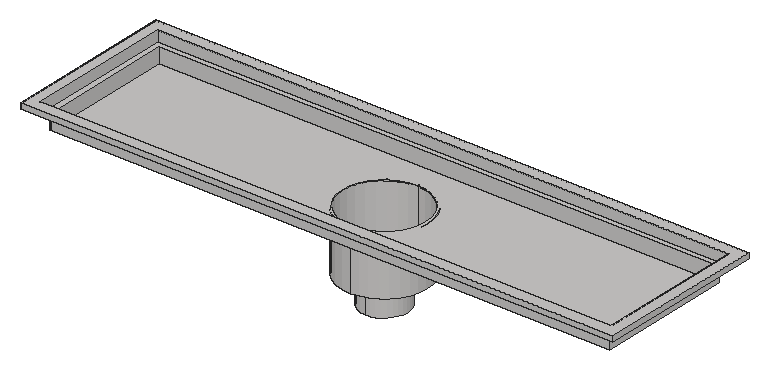
Revit family "QF_ZANUSSI_328063_FDB40140", category Attrezzature speciali, Revit 2020
Family settings
  Quota connettore circolare = Usa diametro
  Tipo di parte = Normale
  Basato su piano di lavoro = No
  Sempre verticale = Sì
  Taglio con vuoti quando caricato = No
  Condiviso = No
  Punto di calcolo locali = No
Parameters (values of type "Standard")
  Weight = 55.1156 lbm
  Watts = 0 W
  Volts = 0 V
  URL Manufacturer = "http://www.zanussiprofessional.com"
  URL = "http://www.zanussiprofessional.com"
  Steam Supply Size = 0"
  Steam Supply Minimum Pressure = 0.00 psi
  Steam Supply Maximum Pressure = 0.00 psi
  Steam Consumption per Hour = 0
  Refrigeration Suction Line Size = 0 mm
  Refrigeration Liquid Line Size = 0 mm
  Refrigerant Compressor Remote = yes
  Prospetto di default = 0 mm
  Phase = 0
  Modello = "FDB40140"
  Produttore = "Zanussi"
  Length Actual = 1400 mm  # constant formula
  Item Number = "328063"
  Hot Water Size = 0"
  Height Actual = 265 mm  # constant formula
  HP = "0 HP"
  Gas Size = 0"
  Gas KW = 0
  Gas Input Pressure = 0.0 Btu/h
  Direct Waste Size = 3.93701"
  Descrizione = "FLR.DRAIN+GRATE+C.SIPH-VERT.OUT.400X1400"
  Depth Actual = 400 mm  # constant formula
  Cycle = 0 Hz
  Condensate Return Size = 0"
  Compressed Air Volume = 0 GPM
  Compressed Air Size = 0"
  Compressed Air Pressure = 0.00 psi
  Cold Water Size = 0"
  Assembly Code = ""
  Accessory = yes
Reference planes
  plane 1: z = 0
  plane 2 "Center (Front/Back)": y = -102.225
  plane 3 "Center (Left/Right)": x = 9.791
  plane 4 "TOP": z = -265
  plane 5 "Back": y = 97.775
  plane 6 "Front": y = -302.225
  plane 7: x = -140.209
  plane 8: x = 159.791
  plane 9 "Right": x = 709.791
  plane 10 "Left": x = -690.209
  plane 11: x = 684.791
Forms (mm)
  Revolve 1, solid, material "QF_Metal-Stainless-Polished"
    sketch origin (9.791, 0, 0) x (0, 1, 0) y (0, 0, 1)
      loop
        line (-2.225, -62) -> (0.775, -62) -> (0.775, -60) -> (-4.225, -60) -> (-4.225, -198) -> (-49.225, -198) -> (-49.225, -265) -> (-47.225, -265) -> (-47.225, -200) -> (-2.225, -200) -> (-2.225, -62)
      axis (-102.225, -265) -> (-102.225, -60)
    angle from 0 to 360
  Sweep 2, solid, material "QF_Finishes_Stainless Steel"
    path origin (0, 0, 0) x (1, 0, 0) y (0, 1, 0)
      loop
        line (-690.209, 97.775) -> (-690.209, -302.225) -> (709.791, -302.225) -> (709.791, 97.775) -> (-690.209, 97.775)
    profile origin (9.791, 97.775, 0) x (0, 1, 0) y (0, 0, 1)
      loop
        line (0, -11.945) -> (0, 1) -> (-26, 1) -> (-26, -25) -> (-40, -25) -> (-40, -59) -> (-50, -59) -> (-50, -60) -> (-39, -60) -> (-39, -26) -> (-25, -26) -> (-25, 0.055) -> (-1, 0.055) -> (-1, -11.945) -> (0, -11.945)
  Extrusion 3, solid, material "QF_Finishes_Stainless Steel"
    sketch origin (0, 0, 0) x (1, 0, 0) y (0, 1, 0)
      loop
        line (-640.209, 47.775) -> (-640.209, -252.225) -> (659.791, -252.225) -> (659.791, 47.775) -> (-640.209, 47.775)
      loop
        circle (9.791, -102.225) r 98
    from -59 to -60
Cuts and joins
  joined: Sweep 2, Extrusion 3
Lines and regions (mm)
  symbolic lines
    curve 1: line (-690.209, 97.775, 0) -> (709.791, 97.775, 0)
    curve 2: line (-690.209, -302.225, 0) -> (-690.209, 97.775, 0)
    curve 3: line (709.791, -302.225, 0) -> (-690.209, -302.225, 0)
    curve 4: line (709.791, 97.775, 0) -> (709.791, -302.225, 0)
    curve 5: circle (9.791, -102.225, 0) r 115 normal (0, 0, 1)
    curve 18: circle (9.791, -102.225, 0) r 115 normal (0, 0, -1)
    curve 24: circle (9.791, -102.225, 0) r 53 normal (0, 0, 1)
    curve 70: line (-665.209, 72.775, 0) -> (-665.209, -277.225, 0)
    curve 71: line (684.791, 72.775, 0) -> (-665.209, 72.775, 0)
    curve 72: line (-665.209, -277.225, 0) -> (684.791, -277.225, 0)
    curve 73: line (459.791, -277.225, 0) -> (459.791, 72.775, 0)
    curve 97: line (684.791, 72.775, 0) -> (684.791, -277.225, 0)
  model lines
    curve 6: line (-100.209, 71.775, 0) -> (-100.209, -276.225, 0)
    curve 7: line (-80.209, 71.775, 0) -> (-80.209, -276.225, 0)
    curve 8: line (-60.209, 71.775, 0) -> (-60.209, -276.225, 0)
    curve 9: line (-40.209, 71.775, 0) -> (-40.209, -276.225, 0)
    curve 10: line (-20.209, 71.775, 0) -> (-20.209, -276.225, 0)
    curve 11: line (-0.209, 71.775, 0) -> (-0.209, -276.225, 0)
    curve 12: line (19.791, 71.775, 0) -> (19.791, -276.225, 0)
    curve 13: line (39.791, 71.775, 0) -> (39.791, -276.225, 0)
    curve 14: line (59.791, 71.775, 0) -> (59.791, -276.225, 0)
    curve 15: line (79.791, 71.775, 0) -> (79.791, -276.225, 0)
    curve 16: line (99.791, 71.775, 0) -> (99.791, -276.225, 0)
    curve 17: line (119.791, 71.775, 0) -> (119.791, -276.225, 0)
    curve 19: line (-665.209, -22.225, 0) -> (684.791, -22.225, 0)
    curve 20: line (-665.209, -42.225, 0) -> (684.791, -42.225, 0)
    curve 21: line (-665.209, -62.225, 0) -> (684.791, -62.225, 0)
    curve 22: line (-665.209, -102.225, 0) -> (684.791, -102.225, 0)
    curve 23: line (-665.209, -122.225, 0) -> (684.791, -122.225, 0)
    curve 25: line (-665.209, 37.775, 0) -> (684.791, 37.775, 0)
    curve 26: line (-665.209, 17.775, 0) -> (684.791, 17.775, 0)
    curve 27: line (-665.209, -2.225, 0) -> (684.791, -2.225, 0)
    curve 28: line (-665.209, -202.225, 0) -> (684.791, -202.225, 0)
    curve 29: line (-665.209, -182.225, 0) -> (684.791, -182.225, 0)
    curve 30: line (-665.209, -162.225, 0) -> (684.791, -162.225, 0)
    curve 31: line (-665.209, -142.225, 0) -> (684.791, -142.225, 0)
    curve 32: line (-665.209, -262.225, 0) -> (684.791, -262.225, 0)
    curve 33: line (-665.209, -242.225, 0) -> (684.791, -242.225, 0)
    curve 34: line (-665.209, -222.225, 0) -> (684.791, -222.225, 0)
    curve 35: line (-665.209, 57.775, 0) -> (684.791, 57.775, 0)
    curve 36: line (139.791, 71.775, 0) -> (139.791, -276.225, 0)
    curve 37: line (159.791, 71.775, 0) -> (159.791, -276.225, 0)
    curve 38: line (179.791, 71.775, 0) -> (179.791, -276.225, 0)
    curve 39: line (199.791, 71.775, 0) -> (199.791, -276.225, 0)
    curve 40: line (219.791, 71.775, 0) -> (219.791, -276.225, 0)
    curve 41: line (239.791, 71.775, 0) -> (239.791, -276.225, 0)
    curve 42: line (259.791, 71.775, 0) -> (259.791, -276.225, 0)
    curve 43: line (279.791, 71.775, 0) -> (279.791, -276.225, 0)
    curve 44: line (299.791, 71.775, 0) -> (299.791, -276.225, 0)
    curve 45: line (319.791, 71.775, 0) -> (319.791, -276.225, 0)
    curve 46: line (339.791, 71.775, 0) -> (339.791, -276.225, 0)
    curve 47: line (359.791, 71.775, 0) -> (359.791, -276.225, 0)
    curve 48: line (379.791, 71.775, 0) -> (379.791, -276.225, 0)
    curve 49: line (399.791, 71.775, 0) -> (399.791, -276.225, 0)
    curve 50: line (419.791, 71.775, 0) -> (419.791, -276.225, 0)
    curve 51: line (439.791, 71.775, 0) -> (439.791, -276.225, 0)
    curve 52: line (459.791, 72.775, 0) -> (459.791, -277.225, 0)
    curve 53: line (-665.209, -82.225, 0) -> (684.791, -82.225, 0)
    curve 54: line (-580.209, 71.775, 0) -> (-580.209, -276.225, 0)
    curve 55: line (-560.209, 71.775, 0) -> (-560.209, -276.225, 0)
    curve 56: line (-540.209, 71.775, 0) -> (-540.209, -276.225, 0)
    curve 57: line (-520.209, 71.775, 0) -> (-520.209, -276.225, 0)
    curve 58: line (-500.209, 71.775, 0) -> (-500.209, -276.225, 0)
    curve 59: line (-480.209, 71.775, 0) -> (-480.209, -276.225, 0)
    curve 60: line (-460.209, 71.775, 0) -> (-460.209, -276.225, 0)
    curve 61: line (-440.209, 71.775, 0) -> (-440.209, -276.225, 0)
    curve 62: line (-420.209, 71.775, 0) -> (-420.209, -276.225, 0)
    curve 63: line (-400.209, 71.775, 0) -> (-400.209, -276.225, 0)
    curve 64: line (-160.209, 71.775, 0) -> (-160.209, -276.225, 0)
    curve 65: line (-140.209, 71.775, 0) -> (-140.209, -276.225, 0)
    curve 66: line (-120.209, 71.775, 0) -> (-120.209, -276.225, 0)
    curve 67: line (-640.209, 71.775, 0) -> (-640.209, -276.225, 0)
    curve 68: line (-620.209, 71.775, 0) -> (-620.209, -276.225, 0)
    curve 69: line (-600.209, 71.775, 0) -> (-600.209, -276.225, 0)
    curve 74: line (-380.209, 71.775, 0) -> (-380.209, -276.225, 0)
    curve 75: line (-360.209, 71.775, 0) -> (-360.209, -276.225, 0)
    curve 76: line (-340.209, 71.775, 0) -> (-340.209, -276.225, 0)
    curve 77: line (-320.209, 71.775, 0) -> (-320.209, -276.225, 0)
    curve 78: line (-300.209, 71.775, 0) -> (-300.209, -276.225, 0)
    curve 79: line (-280.209, 71.775, 0) -> (-280.209, -276.225, 0)
    curve 80: line (-260.209, 71.775, 0) -> (-260.209, -276.225, 0)
    curve 81: line (-240.209, 71.775, 0) -> (-240.209, -276.225, 0)
    curve 82: line (-220.209, 71.775, 0) -> (-220.209, -276.225, 0)
    curve 83: line (-200.209, 71.775, 0) -> (-200.209, -276.225, 0)
    curve 84: line (-180.209, 71.775, 0) -> (-180.209, -276.225, 0)
    curve 85: line (-660.209, 71.775, 0) -> (-660.209, -276.225, 0)
    curve 86: line (479.791, 71.775, 0) -> (479.791, -276.225, 0)
    curve 87: line (499.791, 71.775, 0) -> (499.791, -276.225, 0)
    curve 88: line (519.791, 71.775, 0) -> (519.791, -276.225, 0)
    curve 89: line (539.791, 71.775, 0) -> (539.791, -276.225, 0)
    curve 90: line (559.791, 71.775, 0) -> (559.791, -276.225, 0)
    curve 91: line (579.791, 71.775, 0) -> (579.791, -276.225, 0)
    curve 92: line (599.791, 71.775, 0) -> (599.791, -276.225, 0)
    curve 93: line (619.791, 71.775, 0) -> (619.791, -276.225, 0)
    curve 94: line (639.791, 71.775, 0) -> (639.791, -276.225, 0)
    curve 95: line (659.791, 71.775, 0) -> (659.791, -276.225, 0)
    curve 96: line (679.791, 71.775, 0) -> (679.791, -276.225, 0)
Dimensions and locks
  equal spacing: plane 8, plane 3 "Center (Left/Right)", plane 7
  level to plane 4 "TOP" = 265 mm
  locked: Revolve 1 sketch curve to Revolve 1 sketch curve at 100
  locked: Revolve 1 sketch curve to Revolve 1 sketch curve at 55
  locked: plane 8 to plane 7 at 300
  equal spacing: plane 6 "Front", plane 2 "Center (Front/Back)", plane 5 "Back"
  locked: plane 6 "Front" to plane 5 "Back" at 400
  equal spacing: plane 10 "Left", plane 3 "Center (Left/Right)", plane 9 "Right"
  locked: plane 10 "Left" to plane 9 "Right" at 1400
  locked: plane 11 to plane 9 "Right" at 25
  aligned and locked: level to plane 1
  aligned and locked: Sweep 2 sketch curve to plane 9 "Right"
  aligned and locked: curve 4 to plane 9 "Right"
  aligned and locked: plane 10 "Left" to Sweep 2 sketch curve
  aligned and locked: plane 10 "Left" to curve 2
  aligned and locked: plane 11 to curve 25
Automatic sketch dimensions
  plane 6 "Front" to Sweep 2 sketch curve = 0 mm
  plane 5 "Back" to Sweep 2 sketch curve = 0 mm
  level to Sweep 2 sketch curve = 1 mm
  Sweep 2 sketch curve to profile plane = 0 mm
  profile plane to Sweep 2 sketch curve = 1 mm
  profile plane to Sweep 2 sketch curve = 25 mm
  Sweep 2 sketch curve to Sweep 2 sketch curve = 1 mm  (x4)
  Sweep 2 sketch curve to Sweep 2 sketch curve = 14 mm
  level to Sweep 2 sketch curve = 0.055 mm
  Sweep 2 sketch curve to Sweep 2 sketch curve = 12 mm
  Sweep 2 sketch curve to level = 25 mm
  Sweep 2 sketch curve to Sweep 2 sketch curve = 33 mm
  Sweep 2 sketch curve to Sweep 2 sketch curve = 10 mm
  Extrusion 3 sketch curve to plane 2 "Center (Front/Back)" = 0 mm
  Extrusion 3 sketch curve to plane 3 "Center (Left/Right)" = 0 mm
  Extrusion 3 sketch curve to plane 9 "Right" = 50 mm
  Extrusion 3 sketch curve to plane 6 "Front" = 50 mm
  plane 5 "Back" to Extrusion 3 sketch curve = 50 mm
  plane 10 "Left" to Extrusion 3 sketch curve = 50 mm
  Revolve 1 sketch curve to plane 2 "Center (Front/Back)" = 0 mm
  Revolve 1 sketch curve to plane 4 "TOP" = 0 mm
  Revolve 1 sketch curve to Revolve 1 sketch curve = 2 mm  (x4)
  Revolve 1 sketch curve to Revolve 1 sketch curve = 3 mm
  plane 4 "TOP" to Revolve 1 sketch curve = 65 mm
  Revolve 1 sketch curve to level = 60 mm
  Revolve 1 sketch curve to plane 4 "TOP" = 344.6 mm
  level to Revolve 1 sketch curve = 2466.13 mm
  curve 5 to curve 18 = 0 mm  (x2)
  curve 5 to curve 24 = 0 mm  (x2)
  curve 22 to plane 2 "Center (Front/Back)" = 0 mm
  curve 65 to plane 7 = 0 mm
  curve 24 to plane 2 "Center (Front/Back)" = 0 mm
  curve 24 to plane 3 "Center (Left/Right)" = 0 mm
  curve 37 to plane 8 = 0 mm
  plane 6 "Front" to curve 3 = 0 mm
  plane 5 "Back" to curve 1 = 0 mm
  plane 10 "Left" to curve 70 = 25 mm
  plane 5 "Back" to curve 52 = 25 mm
  plane 11 to curve 52 = 225 mm
  curve 72 to plane 6 "Front" = 25 mm
  curve 73 to plane 6 "Front" = 25 mm
  plane 5 "Back" to curve 71 = 25 mm
  curve 70 to curve 85 = 5 mm
  curve 85 to curve 67 = 20 mm
  curve 67 to curve 68 = 20 mm
  curve 68 to curve 69 = 20 mm
  curve 69 to curve 54 = 20 mm
  curve 54 to curve 55 = 20 mm
  curve 55 to curve 56 = 20 mm
  curve 56 to curve 57 = 20 mm
  curve 57 to curve 58 = 20 mm
  curve 58 to curve 59 = 20 mm
  curve 59 to curve 60 = 20 mm
  curve 60 to curve 61 = 20 mm
  curve 61 to curve 62 = 20 mm
  curve 62 to curve 63 = 20 mm
  curve 63 to curve 74 = 20 mm
  curve 74 to curve 75 = 20 mm
  curve 75 to curve 76 = 20 mm
  curve 76 to curve 77 = 20 mm
  curve 77 to curve 78 = 20 mm
  curve 78 to curve 79 = 20 mm
  curve 79 to curve 80 = 20 mm
  curve 80 to curve 81 = 20 mm
  curve 81 to curve 82 = 20 mm
  curve 82 to curve 83 = 20 mm
  curve 83 to curve 84 = 20 mm
  curve 64 to plane 7 = 20 mm
  curve 65 to curve 66 = 20 mm
  curve 66 to curve 6 = 20 mm
  curve 6 to curve 7 = 20 mm
  curve 7 to curve 8 = 20 mm
  curve 8 to curve 9 = 20 mm
  curve 9 to curve 10 = 20 mm
  curve 11 to plane 3 "Center (Left/Right)" = 10 mm
  plane 3 "Center (Left/Right)" to curve 12 = 10 mm
  curve 12 to curve 13 = 20 mm
  curve 13 to curve 14 = 20 mm
  curve 14 to curve 15 = 20 mm
  curve 15 to curve 16 = 20 mm
  curve 16 to curve 17 = 20 mm
  curve 17 to curve 36 = 20 mm
  plane 8 to curve 38 = 20 mm
  curve 38 to curve 39 = 20 mm
  curve 39 to curve 40 = 20 mm
  curve 40 to curve 41 = 20 mm
  curve 41 to curve 42 = 20 mm
  curve 42 to curve 43 = 20 mm
  curve 43 to curve 44 = 20 mm
  curve 44 to curve 45 = 20 mm
  curve 45 to curve 46 = 20 mm
  curve 46 to curve 47 = 20 mm
  curve 47 to curve 48 = 20 mm
  curve 48 to curve 49 = 20 mm
  curve 49 to curve 50 = 20 mm
  curve 50 to curve 51 = 20 mm
  curve 52 to curve 86 = 20 mm
  curve 86 to curve 87 = 20 mm
  curve 87 to curve 88 = 20 mm
  curve 88 to curve 89 = 20 mm
  curve 89 to curve 90 = 20 mm
  curve 90 to curve 91 = 20 mm
  curve 91 to curve 92 = 20 mm
  curve 92 to curve 93 = 20 mm
  curve 93 to curve 94 = 20 mm
  curve 94 to curve 95 = 20 mm
  plane 11 to curve 96 = 5 mm
  curve 6 to plane 6 "Front" = 26 mm
  curve 88 to plane 6 "Front" = 26 mm
  curve 6 to curve 7 = 0 mm  (x2)
  curve 87 to curve 88 = 0 mm  (x2)
  curve 7 to curve 8 = 0 mm  (x2)
  curve 86 to curve 87 = 0 mm  (x2)
  curve 8 to curve 9 = 0 mm  (x2)
  curve 70 to curve 85 = 1 mm
  curve 9 to curve 10 = 0 mm  (x2)
  curve 84 to plane 6 "Front" = 26 mm
  curve 10 to curve 11 = 0 mm  (x2)
  curve 83 to curve 84 = 0 mm  (x2)
  curve 11 to curve 12 = 0 mm  (x2)
  curve 82 to curve 83 = 0 mm  (x2)
  curve 12 to curve 13 = 0 mm  (x2)
  curve 81 to curve 82 = 0 mm  (x2)
  curve 13 to curve 14 = 0 mm  (x2)
  curve 80 to curve 81 = 0 mm  (x2)
  curve 14 to curve 15 = 0 mm  (x2)
  curve 79 to curve 80 = 0 mm  (x2)
  curve 88 to curve 89 = 0 mm  (x2)
  curve 78 to curve 79 = 0 mm  (x2)
  curve 17 to plane 6 "Front" = 26 mm
  curve 77 to curve 78 = 0 mm  (x2)
  curve 76 to curve 77 = 0 mm  (x2)
  curve 75 to curve 76 = 0 mm  (x2)
  curve 74 to curve 75 = 0 mm  (x2)
  curve 89 to curve 90 = 0 mm  (x2)
  curve 97 to curve 95 = 1 mm
  curve 90 to curve 91 = 0 mm  (x2)
  curve 93 to plane 6 "Front" = 26 mm
  curve 97 to curve 96 = 1 mm
  curve 93 to curve 94 = 0 mm  (x2)
  curve 69 to plane 6 "Front" = 26 mm
  curve 68 to curve 69 = 0 mm  (x2)
  curve 67 to curve 68 = 0 mm  (x2)
  curve 66 to curve 6 = 0 mm
  curve 65 to curve 66 = 0 mm  (x2)
  curve 64 to curve 65 = 0 mm  (x2)
  curve 63 to curve 74 = 0 mm  (x2)
  curve 62 to curve 63 = 0 mm  (x2)
  curve 61 to curve 62 = 0 mm  (x2)
  curve 60 to curve 61 = 0 mm  (x2)
  curve 59 to curve 60 = 0 mm  (x2)
  curve 58 to curve 59 = 0 mm
  curve 57 to curve 58 = 0 mm  (x2)
  curve 56 to curve 57 = 0 mm  (x2)
  curve 55 to curve 56 = 0 mm  (x2)
  curve 54 to curve 55 = 0 mm  (x2)
  curve 16 to curve 17 = 0 mm  (x2)
  curve 52 to curve 51 = 1 mm
  curve 50 to curve 51 = 0 mm  (x2)
  curve 49 to curve 50 = 0 mm  (x2)
  curve 48 to curve 49 = 0 mm  (x2)
  curve 47 to curve 48 = 0 mm  (x2)
  curve 46 to curve 47 = 0 mm  (x2)
  curve 45 to curve 46 = 0 mm  (x2)
  curve 44 to curve 45 = 0 mm  (x2)
  curve 17 to curve 36 = 0 mm  (x2)
  curve 43 to curve 44 = 0 mm  (x2)
  curve 36 to curve 37 = 0 mm  (x2)
  curve 42 to curve 43 = 0 mm  (x2)
  curve 37 to curve 38 = 0 mm  (x2)
  curve 41 to curve 42 = 0 mm  (x2)
  curve 38 to curve 39 = 0 mm  (x2)
  curve 39 to curve 40 = 0 mm  (x2)
  curve 91 to curve 92 = 0 mm  (x2)
  curve 96 to curve 32 = 14 mm
  curve 32 to curve 33 = 20 mm
  curve 33 to curve 34 = 20 mm
  curve 34 to curve 28 = 20 mm
  curve 28 to curve 29 = 20 mm
  curve 29 to curve 30 = 20 mm
  curve 30 to curve 31 = 20 mm
  curve 23 to curve 22 = 20 mm
  plane 2 "Center (Front/Back)" to curve 53 = 20 mm
  curve 53 to curve 21 = 20 mm
  curve 21 to curve 20 = 20 mm
  curve 20 to curve 19 = 20 mm
  curve 19 to curve 27 = 20 mm
  curve 27 to curve 26 = 20 mm
  curve 26 to curve 25 = 20 mm
  curve 35 to curve 71 = 15 mm
  plane 5 "Back" to curve 57 = 26 mm
  plane 5 "Back" to curve 60 = 26 mm
  curve 95 to curve 71 = 1 mm
  curve 51 to curve 52 = 1 mm
  plane 5 "Back" to curve 65 = 26 mm
  curve 67 to curve 70 = 1 mm
  curve 94 to curve 95 = 0 mm
  plane 5 "Back" to curve 36 = 26 mm
  curve 15 to curve 16 = 0 mm
  curve 85 to curve 70 = 1 mm
  curve 86 to curve 52 = 1 mm
  curve 96 to curve 71 = 1 mm
  radius of Extrusion 3 sketch curve = 98 mm
  radius of curve 5 = 115 mm
  radius of curve 18 = 115 mm
  radius of curve 24 = 53 mm
Connectors
  piping at (9.791, -102.225, -265), diameter 100, driven by "Direct Waste Size"
    settings: on Revolve 1, index 1, connector inside diameter 24", connector length 0 mm, flow factor 0, pipe flow 0 GPM, pressure drop 0.00 psi, fitting loss kfactor 0, connector angle 0.00°, fixture units 0, engagement length 0 mm, angle of deflection 0.00°, flow configuration 1, flow direction 2, fitting loss method 0, system type 16, joint type 0, gender type 0, connector reference index -1, connector utility 0, adjustable connector no, is connector primary yes, connector description "Drain"
